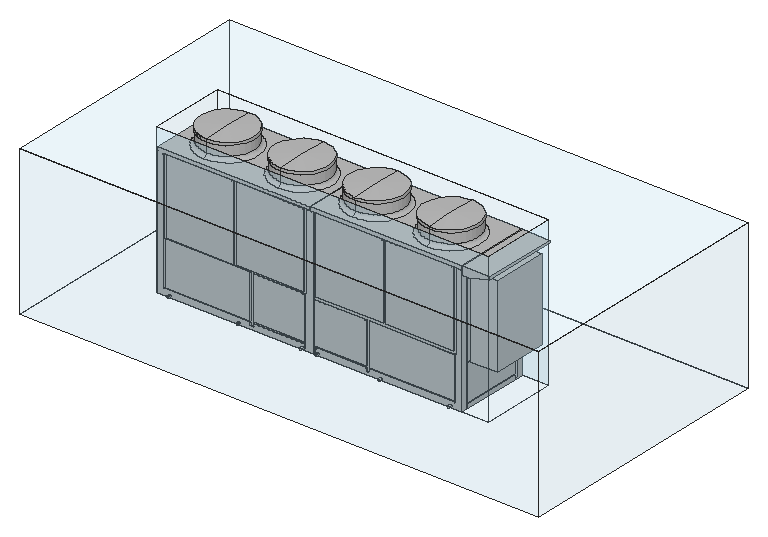
Revit family "VIESSMANN - Energycal AWH Pro AT 200-235", category Wyposażenie mechaniczne, Revit 2017 (continued)
Definition of nested family "AWH PRO AT EVO 200-235"
  Automatic sketch dimensions
    Extrusion 39 sketch curve to Extrusion 39 sketch curve = 1208 mm
    Extrusion 40 sketch curve to Extrusion 40 sketch curve = 444 mm
    Extrusion 40 sketch curve to Extrusion 40 sketch curve = 889.667 mm
    Extrusion 41 sketch curve to Extrusion 41 sketch curve = 444 mm
    Extrusion 41 sketch curve to Extrusion 41 sketch curve = 889.667 mm
    Sweep 42 sketch curve to Sweep 42 sketch curve = 1208 mm
    Sweep 42 sketch curve to Sweep 42 sketch curve = 53 mm  (x2)
    Sweep 42 sketch curve to profile plane = 714.825 mm
    Extrusion 43 sketch curve to Extrusion 43 sketch curve = 1117.892 mm  (x2)
    Extrusion 43 sketch curve to Extrusion 43 sketch curve = 1017.892 mm  (x2)
    Extrusion 43 sketch curve to Extrusion 43 sketch curve = 0 mm  (x5)
    Extrusion 44 sketch curve to Extrusion 44 sketch curve = 80.878 mm
    Extrusion 44 sketch curve to Extrusion 44 sketch curve = 1087.351 mm  (x2)
    Extrusion 44 sketch curve to Extrusion 44 sketch curve = 220 mm
    Extrusion 44 sketch curve to Extrusion 44 sketch curve = 811.507 mm
    Extrusion 44 sketch curve to Extrusion 44 sketch curve = 1087 mm
    Extrusion 44 sketch curve to Extrusion 44 sketch curve = 26.535 mm
    Extrusion 44 sketch curve to Extrusion 44 sketch curve = 100 mm
    Extrusion 44 sketch curve to Extrusion 44 sketch curve = 46 mm
    Extrusion 44 sketch curve to Extrusion 44 sketch curve = 690 mm
    Extrusion 44 sketch curve to Extrusion 44 sketch curve = 1200 mm  (x2)
    Extrusion 45 sketch curve to Extrusion 45 sketch curve = 80.878 mm
    Extrusion 45 sketch curve to Extrusion 45 sketch curve = 1087.351 mm  (x2)
    Extrusion 45 sketch curve to Extrusion 45 sketch curve = 811.507 mm
    Extrusion 45 sketch curve to Extrusion 45 sketch curve = 26.535 mm
    Extrusion 45 sketch curve to Extrusion 45 sketch curve = 100 mm
    Extrusion 45 sketch curve to Extrusion 45 sketch curve = 1200 mm
    Extrusion 45 sketch curve to Extrusion 45 sketch curve = 86 mm  (x2)
    Extrusion 46 sketch curve to Extrusion 46 sketch curve = 102.477 mm
    Extrusion 46 sketch curve to Extrusion 46 sketch curve = 989.047 mm
    Extrusion 46 sketch curve to Extrusion 46 sketch curve = 1380.553 mm
    Extrusion 47 sketch curve to Extrusion 47 sketch curve = 102.477 mm
    Extrusion 47 sketch curve to Extrusion 47 sketch curve = 989.047 mm
    Extrusion 47 sketch curve to Extrusion 47 sketch curve = 1380.553 mm
    Extrusion 47 sketch curve to Extrusion 47 sketch curve = 581.354 mm
    Extrusion 47 sketch curve to Extrusion 47 sketch curve = 50.093 mm  (x2)
    Extrusion 48 sketch curve to Extrusion 48 sketch curve = 91.958 mm
    Extrusion 48 sketch curve to Extrusion 48 sketch curve = 40 mm
    Extrusion 49 sketch curve to Extrusion 49 sketch curve = 131.958 mm
    Extrusion 26 sketch curve to plane 4 = 0 mm
    Extrusion 26 sketch curve to plane 10 = 99 mm
    Extrusion 27 sketch curve to plane 4 = 0 mm
    Extrusion 27 sketch curve to plane 10 = 99 mm
    Extrusion 28 sketch curve to level = 0 mm
    Extrusion 28 sketch curve to plane 10 = 99 mm
    Revolve 29 sketch curve to plane 5 = 0 mm
    Revolve 30 sketch curve to plane 5 = 0 mm
    Revolve 32 sketch curve to plane 5 = 0 mm
    level to Extrusion 33 sketch curve = 29.398 mm
    plane 10 to Extrusion 33 sketch curve = 78.337 mm
    Revolve 34 sketch curve to plane 5 = 0 mm
    plane 1 "Środek (Przód/Tył)" to Revolve 34 sketch curve = 604 mm
    Revolve 35 sketch curve to plane 5 = 0 mm
    plane 1 "Środek (Przód/Tył)" to Revolve 35 sketch curve = 604 mm
    Revolve 36 sketch curve to plane 5 = 0 mm
    plane 1 "Środek (Przód/Tył)" to Revolve 36 sketch curve = 604 mm
    Revolve 37 sketch curve to plane 5 = 0 mm
    plane 1 "Środek (Przód/Tył)" to Revolve 37 sketch curve = 604 mm
    Revolve 38 sketch curve to plane 5 = 0 mm
    Extrusion 39 sketch curve to plane 4 = 0 mm
    Extrusion 39 sketch curve to plane 10 = 543 mm
    plane 4 to Extrusion 40 sketch curve = 150 mm
    Extrusion 40 sketch curve to plane 10 = 543 mm
    plane 4 to Extrusion 41 sketch curve = 150 mm
    Extrusion 41 sketch curve to plane 10 = 543 mm
    Sweep 42 sketch curve to plane 4 = 0 mm
    Sweep 42 sketch curve to plane 5 = 0 mm
    level to Extrusion 43 sketch curve = 29.398 mm
    plane 10 to Extrusion 43 sketch curve = 78.337 mm
    Extrusion 44 sketch curve to plane 10 = 99 mm
    level to Extrusion 44 sketch curve = 20 mm
    Extrusion 45 sketch curve to plane 10 = 99 mm
    Extrusion 45 sketch curve to plane 5 = 53 mm
    Extrusion 46 sketch curve to plane 4 = 0 mm
    level to Extrusion 46 sketch curve = 20 mm
    Extrusion 47 sketch curve to plane 4 = 0 mm
    Extrusion 47 sketch curve to plane 5 = 53 mm
    Extrusion 48 sketch curve to plane 5 = 0 mm
    Extrusion 48 sketch curve to plane 10 = 559 mm
    Extrusion 49 sketch curve to plane 5 = 0 mm
    Extrusion 49 sketch curve to plane 10 = 559 mm
    plane 3 "Środek (Lewa/Prawa)" to Extrusion 31 sketch curve = 189.779 mm
    Extrusion 31 sketch curve to plane 7 = 325.779 mm
    Extrusion 31 sketch curve to plane 10 = 550.526 mm
    Extrusion 31 sketch curve to plane 1 "Środek (Przód/Tył)" = 604 mm  (x4)
    Extrusion 31 sketch curve to plane 4 = 124.474 mm  (x4)
    plane 8 to Extrusion 31 sketch curve = 708.526 mm
    radius of Extrusion 9 sketch curve = 15 mm  (x6)
    radius of Extrusion 19 sketch curve = 15 mm  (x6)
    radius of Extrusion 33 sketch curve = 15 mm  (x6)
    radius of Extrusion 43 sketch curve = 15 mm  (x6)
Types (3, lengths in mm): name | Współczynnik efektywności [COP] (A7W45) | Spadek ciśnienia wody (A7W45) | SCOP | Przepływ powietrza | Poziom ciśnienia akustycznego - wersja cicha LN dB(A) | Pobór mocy elektrycznej (A7W45) | Obciążenie pozorne | Nominalna moc grzewcza (A7W45) | Natężenie przepływu wody (A7W45) l/h | Natężenie przepływu wody (A7W45) | Maksymalny prąd rozruchowy | Maksymalny pobór prądu | Maksymalna moc pobierania | Efektywność sezonowa ηs | Ciśnienie podnoszenia pompy (A7W45) | Całkowite napełnienie olejem
  (no name) | 3.28 | 25.0 kPa | 2.85 | 92400.0 m³/h | 59 | 62.7 kW | 121400 VA | 205.6 kW | 35593 | 9.88694 L/s | 491.2 A | 257.6 A | 121.4 kW | "110.9 %" | 173.0 kPa | 14.80 kg
  Wielkość jednostki - 200 | 3.28 | 25.0 kPa | 2.85 | 92400.0 m³/h | 59 | 62.7 kW | 121400 VA | 205.6 kW | 35593 | 9.88694 L/s | 491.2 A | 257.6 A | 121.4 kW | "110.9 %" | 173.0 kPa | 14.80 kg
  Wielkość jednostki - 235 | 3.35 | 24.0 kPa | 2.92 | 91200.0 m³/h | 63 | 66.8 kW | 132000 VA | 223.6 kW | 38704 | 10.7511 L/s | 545.2 A | 313.6 A | 132 kW | "113.6 %" | 145.0 kPa | 10.00 kg
